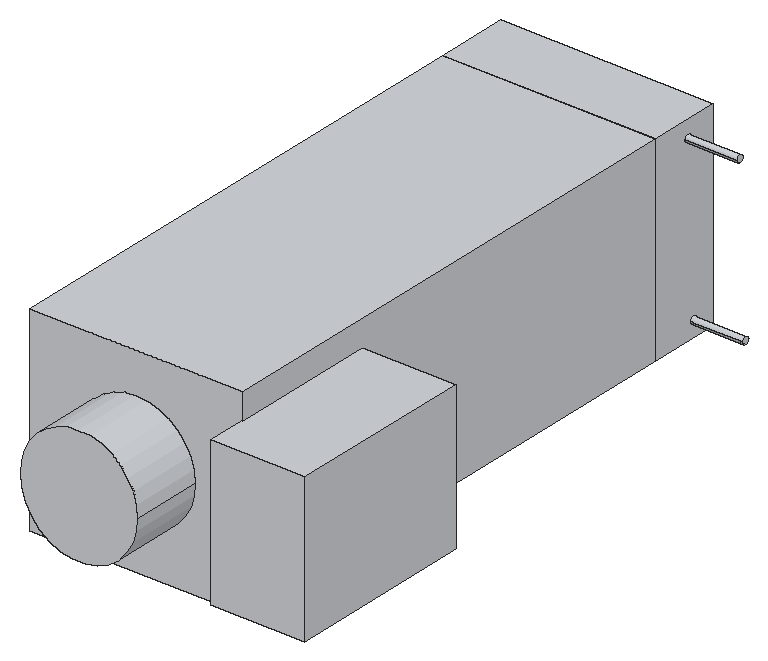
Revit family "EZTA+WITH 2 ROW HWC", category Mechanical Equipment, Revit 2018
Family settings
  Round Connector Dimension = Use Diameter
  Part Type = Normal
  OmniClass Number = 23.75.00.00
  OmniClass Title = Climate Control (HVAC)
  Work Plane-Based = No
  Always vertical = Yes
  Cut with Voids When Loaded = No
  Shared = No
  Room Calculation Point = No
Parameters (values of type "EZTA+0912 W/2 Coil RH W/RH Controller")
  Width = 1' - 4"
  URL = "https://www.anemostat-hvac.com/"
  RightController = yes
  Power Right Controller = yes
  Power Left Controller = no
  PipeVTwo = 0' - 1 1/4"
  PipeVOne = 0' - 1 1/4"
  PipeTwoRH = yes
  PipeTwoLH = no
  PipeRad = PipeDia / 2  # 0' - 0 1/4"
  PipeOneRH = yes
  PipeOneLH = no
  PipeLength = 0' - 4"
  PipeHTwo = 0' - 3 1/2"
  PipeHOne = Coil / 2.05 + Discharge  # 0' - 2.97256"
  PipeDia = 0' - 0 1/2"
  Model = "EZTA+"
  Manufacturer = "ANEMOSTAT PRODUCTS"
  Length = 3' - 3 1/2"
  LeftController = no
  Inlet_S = 0' - 5 3/8"
  InletRadius = InletDia / 2  # 0' - 4 7/16"
  InletDia = 0' - 8 7/8"
  Height = 1' - 3"
  HWCSlipDrive = 3' - 8 5/16"
  HWCOverlap = 0' - 0 5/8"
  EnslosureRear = 1' - 2 7/32"
  EnclosureWidth = 0' - 7 1/8"
  EnclosureHeight = 0' - 11 3/32"
  EnclosureFront = 0' - 3"
  EnclosureCenter = Height / 2  # 0' - 7 1/2"
  DischargeY = Height - 0' 1 1/4"  # 1' - 1 3/4"
  DischargeX = Width - 0' 1 1/4"  # 1' - 2 3/4"
  Discharge = 0' - 0 5/8"
  Description = "EZTA+ W/ Hot Water Heating Coil"
  Coil = HWCSlipDrive - Length  # 0' - 4 13/16"
Types (48): name | Width | RightController | Power Right Controller | Power Left Controller | PipeTwoRH | PipeTwoLH | PipeRad | PipeOneRH | PipeOneLH | PipeHTwo | PipeDia | LeftController | InletRadius | InletDia | Height | EnclosureCenter | DischargeY | DischargeX
  EZTA+0508 W/2 Coil LH NO Controller | 1' - 0" | no | no | no | no | yes | 0' - 0 1/4" | no | yes | 0' - 3 1/2" | 0' - 0 1/2" | no | 0' - 2 7/16" | 0' - 4 7/8" | 0' - 10" | 0' - 5" | 0' - 8 3/4" | 0' - 10 3/4"
  EZTA+0608 W/2 Coil LH NO Controller | 1' - 0" | no | no | no | no | yes | 0' - 0 1/4" | no | yes | 0' - 3 1/2" | 0' - 0 1/2" | no | 0' - 2 15/16" | 0' - 5 7/8" | 0' - 10" | 0' - 5" | 0' - 8 3/4" | 0' - 10 3/4"
  EZTA+0508 W/2 Coil RH NO Controller | 1' - 0" | no | no | no | yes | no | 0' - 0 1/4" | yes | no | 0' - 3 1/2" | 0' - 0 1/2" | no | 0' - 2 7/16" | 0' - 4 7/8" | 0' - 10" | 0' - 5" | 0' - 8 3/4" | 0' - 10 3/4"
  EZTA+0608 W/2 Coil RH NO Controller | 1' - 0" | no | no | no | yes | no | 0' - 0 1/4" | yes | no | 0' - 3 1/2" | 0' - 0 1/2" | no | 0' - 2 15/16" | 0' - 5 7/8" | 0' - 10" | 0' - 5" | 0' - 8 3/4" | 0' - 10 3/4"
  EZTA+0508 W/2 Coil LH W/LH Controller | 1' - 0" | no | no | yes | no | yes | 0' - 0 1/4" | no | yes | 0' - 3 1/2" | 0' - 0 1/2" | yes | 0' - 2 7/16" | 0' - 4 7/8" | 0' - 10" | 0' - 5" | 0' - 8 3/4" | 0' - 10 3/4"
  EZTA+0608 W/2 Coil LH W/LH Controller | 1' - 0" | no | no | yes | no | yes | 0' - 0 1/4" | no | yes | 0' - 3 1/2" | 0' - 0 1/2" | yes | 0' - 2 15/16" | 0' - 5 7/8" | 0' - 10" | 0' - 5" | 0' - 8 3/4" | 0' - 10 3/4"
  EZTA+0508 W/2 Coil LH W/RH Controller | 1' - 0" | yes | yes | no | no | yes | 0' - 0 1/4" | no | yes | 0' - 3 1/2" | 0' - 0 1/2" | no | 0' - 2 7/16" | 0' - 4 7/8" | 0' - 10" | 0' - 5" | 0' - 8 3/4" | 0' - 10 3/4"
  EZTA+0608 W/2 Coil LH W/RH Controller | 1' - 0" | yes | yes | no | no | yes | 0' - 0 1/4" | no | yes | 0' - 3 1/2" | 0' - 0 1/2" | no | 0' - 2 15/16" | 0' - 5 7/8" | 0' - 10" | 0' - 5" | 0' - 8 3/4" | 0' - 10 3/4"
  EZTA+0508 W/2 Coil RH W/LH Controller | 1' - 0" | no | no | yes | yes | no | 0' - 0 1/4" | yes | no | 0' - 3 1/2" | 0' - 0 1/2" | yes | 0' - 2 7/16" | 0' - 4 7/8" | 0' - 10" | 0' - 5" | 0' - 8 3/4" | 0' - 10 3/4"
  EZTA+0608 W/2 Coil RH W/LH Controller | 1' - 0" | no | no | yes | yes | no | 0' - 0 1/4" | yes | no | 0' - 3 1/2" | 0' - 0 1/2" | yes | 0' - 2 15/16" | 0' - 5 7/8" | 0' - 10" | 0' - 5" | 0' - 8 3/4" | 0' - 10 3/4"
  EZTA+0508 W/2 Coil RH W/RH Controller | 1' - 0" | yes | no | no | yes | no | 0' - 0 1/4" | yes | no | 0' - 3 1/2" | 0' - 0 1/2" | no | 0' - 2 7/16" | 0' - 4 7/8" | 0' - 10" | 0' - 5" | 0' - 8 3/4" | 0' - 10 3/4"
  EZTA+0608 W/2 Coil RH W/RH Controller | 1' - 0" | yes | no | no | yes | no | 0' - 0 1/4" | yes | no | 0' - 3 1/2" | 0' - 0 1/2" | no | 0' - 2 15/16" | 0' - 5 7/8" | 0' - 10" | 0' - 5" | 0' - 8 3/4" | 0' - 10 3/4"
  EZTA+0710 W/2 Coil LH NO Controller | 1' - 2" | no | no | no | no | yes | 0' - 0 1/4" | no | yes | 0' - 3 1/2" | 0' - 0 1/2" | no | 0' - 3 7/16" | 0' - 6 7/8" | 1' - 0 1/2" | 0' - 6 1/4" | 0' - 11 1/4" | 1' - 0 3/4"
  EZTA+0810 W/2 Coil LH NO Controller | 1' - 2" | no | no | no | no | yes | 0' - 0 1/4" | no | yes | 0' - 3 1/2" | 0' - 0 1/2" | no | 0' - 3 15/16" | 0' - 7 7/8" | 1' - 0 1/2" | 0' - 6 1/4" | 0' - 11 1/4" | 1' - 0 3/4"
  EZTA+0710 W/2 Coil RH NO Controller | 1' - 2" | no | no | no | yes | no | 0' - 0 1/4" | yes | no | 0' - 3 1/2" | 0' - 0 1/2" | no | 0' - 3 7/16" | 0' - 6 7/8" | 1' - 0 1/2" | 0' - 6 1/4" | 0' - 11 1/4" | 1' - 0 3/4"
  EZTA+0810 W/2 Coil RH NO Controller | 1' - 2" | no | no | no | yes | no | 0' - 0 1/4" | yes | no | 0' - 3 1/2" | 0' - 0 1/2" | no | 0' - 3 15/16" | 0' - 7 7/8" | 1' - 0 1/2" | 0' - 6 1/4" | 0' - 11 1/4" | 1' - 0 3/4"
  EZTA+0710 W/2 Coil LH W/LH Controller | 1' - 2" | no | no | yes | no | yes | 0' - 0 1/4" | no | yes | 0' - 3 1/2" | 0' - 0 1/2" | yes | 0' - 3 7/16" | 0' - 6 7/8" | 1' - 0 1/2" | 0' - 6 1/4" | 0' - 11 1/4" | 1' - 0 3/4"
  EZTA+0710 W/2 Coil LH W/RH Controller | 1' - 2" | yes | yes | no | no | yes | 0' - 0 1/4" | no | yes | 0' - 3 1/2" | 0' - 0 1/2" | no | 0' - 3 7/16" | 0' - 6 7/8" | 1' - 0 1/2" | 0' - 6 1/4" | 0' - 11 1/4" | 1' - 0 3/4"
  EZTA+0810 W/2 Coil LH W/RH Controller | 1' - 2" | yes | yes | no | no | yes | 0' - 0 1/4" | no | yes | 0' - 3 1/2" | 0' - 0 1/2" | no | 0' - 3 15/16" | 0' - 7 7/8" | 1' - 0 1/2" | 0' - 6 1/4" | 0' - 11 1/4" | 1' - 0 3/4"
  EZTA+0810 W/2 Coil LH W/LH Controller | 1' - 2" | no | no | yes | no | yes | 0' - 0 1/4" | no | yes | 0' - 3 1/2" | 0' - 0 1/2" | yes | 0' - 3 15/16" | 0' - 7 7/8" | 1' - 0 1/2" | 0' - 6 1/4" | 0' - 11 1/4" | 1' - 0 3/4"
  EZTA+0710 W/2 Coil RH W/LH Controller | 1' - 2" | no | no | yes | yes | no | 0' - 0 1/4" | yes | no | 0' - 3 1/2" | 0' - 0 1/2" | yes | 0' - 3 7/16" | 0' - 6 7/8" | 1' - 0 1/2" | 0' - 6 1/4" | 0' - 11 1/4" | 1' - 0 3/4"
  EZTA+0810 W/2 Coil RH W/LH Controller | 1' - 2" | no | no | yes | yes | no | 0' - 0 1/4" | yes | no | 0' - 3 1/2" | 0' - 0 1/2" | yes | 0' - 3 15/16" | 0' - 7 7/8" | 1' - 0 1/2" | 0' - 6 1/4" | 0' - 11 1/4" | 1' - 0 3/4"
  EZTA+0710 W/2 Coil RH W/RH Controller | 1' - 2" | yes | yes | no | yes | no | 0' - 0 1/4" | yes | no | 0' - 3 1/2" | 0' - 0 1/2" | no | 0' - 3 7/16" | 0' - 6 7/8" | 1' - 0 1/2" | 0' - 6 1/4" | 0' - 11 1/4" | 1' - 0 3/4"
  EZTA+0810 W/2 Coil RH W/RH Controller | 1' - 2" | yes | yes | no | yes | no | 0' - 0 1/4" | yes | no | 0' - 3 1/2" | 0' - 0 1/2" | no | 0' - 3 15/16" | 0' - 7 7/8" | 1' - 0 1/2" | 0' - 6 1/4" | 0' - 11 1/4" | 1' - 0 3/4"
  EZTA+1012 W/2 Coil LH NO Controller | 1' - 4" | no | no | no | no | yes | 0' - 0 1/4" | no | yes | 0' - 3 1/2" | 0' - 0 1/2" | no | 0' - 4 15/16" | 0' - 9 7/8" | 1' - 3" | 0' - 7 1/2" | 1' - 1 3/4" | 1' - 2 3/4"
  EZTA+1012 W/2 Coil RH NO Controller | 1' - 4" | no | no | no | yes | no | 0' - 0 1/4" | yes | no | 0' - 3 1/2" | 0' - 0 1/2" | no | 0' - 4 15/16" | 0' - 9 7/8" | 1' - 3" | 0' - 7 1/2" | 1' - 1 3/4" | 1' - 2 3/4"
  EZTA+1012 W/2 Coil LH W/LH Controller | 1' - 4" | no | no | yes | no | yes | 0' - 0 1/4" | no | yes | 0' - 3 1/2" | 0' - 0 1/2" | yes | 0' - 4 15/16" | 0' - 9 7/8" | 1' - 3" | 0' - 7 1/2" | 1' - 1 3/4" | 1' - 2 3/4"
  EZTA+1012 W/2 Coil LH W/RH Controller | 1' - 4" | yes | yes | no | no | yes | 0' - 0 1/4" | no | yes | 0' - 3 1/2" | 0' - 0 1/2" | no | 0' - 4 15/16" | 0' - 9 7/8" | 1' - 3" | 0' - 7 1/2" | 1' - 1 3/4" | 1' - 2 3/4"
  EZTA+1012 W/2 Coil RH W/LH Controller | 1' - 4" | no | no | yes | yes | no | 0' - 0 1/4" | yes | no | 0' - 3 1/2" | 0' - 0 1/2" | yes | 0' - 4 15/16" | 0' - 9 7/8" | 1' - 3" | 0' - 7 1/2" | 1' - 1 3/4" | 1' - 2 3/4"
  EZTA+1012 W/2 Coil RH W/RH Controller | 1' - 4" | yes | yes | no | yes | no | 0' - 0 1/4" | yes | no | 0' - 3 1/2" | 0' - 0 1/2" | no | 0' - 4 15/16" | 0' - 9 7/8" | 1' - 3" | 0' - 7 1/2" | 1' - 1 3/4" | 1' - 2 3/4"
  EZTA+1214 W/2 Coil LH NO Controller | 1' - 8" | no | no | no | no | yes | 0' - 0 7/16" | no | yes | 0' - 2 5/32" | 0' - 0 7/8" | no | 0' - 5 15/16" | 0' - 11 7/8" | 1' - 5 1/2" | 0' - 8 3/4" | 1' - 4 1/4" | 1' - 6 3/4"
  EZTA+1214 W/2 Coil RH NO Controller | 1' - 8" | no | no | no | yes | no | 0' - 0 7/16" | yes | no | 0' - 2 5/32" | 0' - 0 7/8" | no | 0' - 5 15/16" | 0' - 11 7/8" | 1' - 5 1/2" | 0' - 8 3/4" | 1' - 4 1/4" | 1' - 6 3/4"
  EZTA+1214 W/2 Coil LH W/LH Controller | 1' - 8" | no | no | yes | yes | no | 0' - 0 7/16" | yes | no | 0' - 2 5/32" | 0' - 0 7/8" | yes | 0' - 5 15/16" | 0' - 11 7/8" | 1' - 5 1/2" | 0' - 8 3/4" | 1' - 4 1/4" | 1' - 6 3/4"
  EZTA+1214 W/2 Coil LH W/RH Controller | 1' - 8" | yes | yes | no | yes | no | 0' - 0 7/16" | yes | no | 0' - 2 5/32" | 0' - 0 7/8" | no | 0' - 5 15/16" | 0' - 11 7/8" | 1' - 5 1/2" | 0' - 8 3/4" | 1' - 4 1/4" | 1' - 6 3/4"
  EZTA+1214 W/2 Coil RH W/LH Controller | 1' - 8" | no | no | yes | yes | no | 0' - 0 7/16" | yes | no | 0' - 2 5/32" | 0' - 0 7/8" | yes | 0' - 5 15/16" | 0' - 11 7/8" | 1' - 5 1/2" | 0' - 8 3/4" | 1' - 4 1/4" | 1' - 6 3/4"
  EZTA+1214 W/2 Coil RH W/RH Controller | 1' - 8" | yes | yes | no | yes | no | 0' - 0 7/16" | yes | no | 0' - 2 5/32" | 0' - 0 7/8" | no | 0' - 5 15/16" | 0' - 11 7/8" | 1' - 5 1/2" | 0' - 8 3/4" | 1' - 4 1/4" | 1' - 6 3/4"
  EZTA+1416 W/2 Coil LH NO Controller | 2' - 0" | no | no | no | no | yes | 0' - 0 7/16" | no | yes | 0' - 3 1/2" | 0' - 0 7/8" | no | 0' - 6 15/16" | 1' - 1 7/8" | 1' - 5 1/2" | 0' - 8 3/4" | 1' - 4 1/4" | 1' - 10 3/4"
  EZTA+1416 W/2 Coil RH NO Controller | 2' - 0" | no | no | no | yes | no | 0' - 0 7/16" | yes | no | 0' - 3 1/2" | 0' - 0 7/8" | no | 0' - 6 15/16" | 1' - 1 7/8" | 1' - 5 1/2" | 0' - 8 3/4" | 1' - 4 1/4" | 1' - 10 3/4"
  EZTA+1416 W/2 Coil LH W/LH Controller | 2' - 0" | no | no | yes | no | yes | 0' - 0 7/16" | no | yes | 0' - 3 1/2" | 0' - 0 7/8" | yes | 0' - 6 15/16" | 1' - 1 7/8" | 1' - 5 1/2" | 0' - 8 3/4" | 1' - 4 1/4" | 1' - 10 3/4"
  EZTA+1416 W/2 Coil LH W/RH Controller | 2' - 0" | yes | yes | no | no | yes | 0' - 0 7/16" | no | yes | 0' - 3 1/2" | 0' - 0 7/8" | no | 0' - 6 15/16" | 1' - 1 7/8" | 1' - 5 1/2" | 0' - 8 3/4" | 1' - 4 1/4" | 1' - 10 3/4"
  EZTA+1416 W/2 Coil RH W/LH Controller | 2' - 0" | no | no | yes | yes | no | 0' - 0 7/16" | yes | no | 0' - 3 1/2" | 0' - 0 7/8" | yes | 0' - 6 15/16" | 1' - 1 7/8" | 1' - 5 1/2" | 0' - 8 3/4" | 1' - 4 1/4" | 1' - 10 3/4"
  EZTA+1416 W/2 Coil RH W/RH Controller | 2' - 0" | yes | yes | no | yes | no | 0' - 0 7/16" | yes | no | 0' - 3 1/2" | 0' - 0 7/8" | no | 0' - 6 15/16" | 1' - 1 7/8" | 1' - 5 1/2" | 0' - 8 3/4" | 1' - 4 1/4" | 1' - 10 3/4"
  EZTA+0912 W/2 Coil LH NO Controller | 1' - 4" | no | no | no | no | yes | 0' - 0 1/4" | no | yes | 0' - 3 1/2" | 0' - 0 1/2" | no | 0' - 4 7/16" | 0' - 8 7/8" | 1' - 3" | 0' - 7 1/2" | 1' - 1 3/4" | 1' - 2 3/4"
  EZTA+0912 W/2 Coil RH NO Controller | 1' - 4" | no | no | no | yes | no | 0' - 0 1/4" | yes | no | 0' - 3 1/2" | 0' - 0 1/2" | no | 0' - 4 7/16" | 0' - 8 7/8" | 1' - 3" | 0' - 7 1/2" | 1' - 1 3/4" | 1' - 2 3/4"
  EZTA+0912 W/2 Coil LH W/LH Controller | 1' - 4" | no | no | yes | no | yes | 0' - 0 1/4" | no | yes | 0' - 3 1/2" | 0' - 0 1/2" | yes | 0' - 4 7/16" | 0' - 8 7/8" | 1' - 3" | 0' - 7 1/2" | 1' - 1 3/4" | 1' - 2 3/4"
  EZTA+0912 W/2 Coil LH W/RH Controller | 1' - 4" | yes | yes | no | no | yes | 0' - 0 1/4" | no | yes | 0' - 3 1/2" | 0' - 0 1/2" | no | 0' - 4 7/16" | 0' - 8 7/8" | 1' - 3" | 0' - 7 1/2" | 1' - 1 3/4" | 1' - 2 3/4"
  EZTA+0912 W/2 Coil RH W/LH Controller | 1' - 4" | no | no | yes | yes | no | 0' - 0 1/4" | yes | no | 0' - 3 1/2" | 0' - 0 1/2" | yes | 0' - 4 7/16" | 0' - 8 7/8" | 1' - 3" | 0' - 7 1/2" | 1' - 1 3/4" | 1' - 2 3/4"
  EZTA+0912 W/2 Coil RH W/RH Controller | 1' - 4" | yes | yes | no | yes | no | 0' - 0 1/4" | yes | no | 0' - 3 1/2" | 0' - 0 1/2" | no | 0' - 4 7/16" | 0' - 8 7/8" | 1' - 3" | 0' - 7 1/2" | 1' - 1 3/4" | 1' - 2 3/4"
Reference planes (in)
  plane 1 "Center (Front/Back)": y = 0
  plane 2: z = 0
  plane 3 "Center (Left/Right)": x = 0
  plane 4 "RightSide": x = 8
  plane 5 "LeftSide": x = -8
  plane 6 "InletSide": y = -19.75
  plane 7: y = -8.53125
  plane 8 "EnclosureFront": y = -22.75
  plane 9: x = 15.125
  plane 10: x = -15.125
  plane 11 "DischargeSide": y = 19.75
  plane 12: y = 19.125
  plane 13: z = 15
  plane 14: z = 7.5
  plane 15: z = 13.04687
  plane 16: z = 1.95313
  plane 17: x = 7.375
  plane 18: x = -7.375
  plane 19: z = 14.375
  plane 20: z = 0.625
  plane 21: y = 18.5
  plane 22 "HWC SlipNDrive": y = 24.5625
  plane 23: z = 1.25
  plane 24: y = 22.625
  plane 25: y = 22.09756
  plane 26: z = 13.75
Forms (in)
  Extrusion 1, solid
    sketch origin (0, 0, 0) x (1, 0, 0) y (0, 1, 0)
      loop
        line (8, 19.125) -> (-8, 19.125) -> (-8, -19.75) -> (8, -19.75) -> (8, 19.125)
    from 0 to 15
  Extrusion 2, solid
    sketch origin (0, -19.75, 0) x (1, 0, 0) y (0, 0, 1)
      loop
        circle (0, 7.5) r 4.4375
    from 0 to 5.375 <- "Inlet_S"
  Extrusion 3, solid
    sketch origin (0, 19.75, 0) x (1, 0, 0) y (0, 0, 1)
      loop
        line (-7.375, 14.375) -> (-7.375, 0.625) -> (7.375, 0.625) -> (7.375, 14.375) -> (-7.375, 14.375)
    from 0 to 0.625 <- "Discharge"
  Extrusion 4, solid
    sketch origin (0, 0, 0) x (1, 0, 0) y (0, 1, 0)
      loop
        line (8, 24.5625) -> (-8, 24.5625) -> (-8, 19.125) -> (8, 19.125) -> (8, 24.5625)
    from 0 to 15 <- "Height"
  Extrusion 5, solid, visible <- "PipeOneRH"
    sketch origin (8, 0, 0) x (0, -1, 0) y (0, 0, -1)
      loop
        circle (-22.09756, -13.75) r 0.25
    from 0 to 4 <- "PipeLength"
  Extrusion 6, solid, visible <- "PipeTwoRH"
    sketch origin (8, 0, 0) x (0, -1, 0) y (0, 0, -1)
      loop
        circle (-22.625, -1.25) r 0.25
    from 0 to 4 <- "PipeLength"
  Extrusion 7, solid, visible <- "PipeOneLH"
    sketch origin (-8, 0, 0) x (0, 1, 0) y (0, 0, -1)
      loop
        circle (22.09756, -13.75) r 0.25
    from 0 to 4 <- "PipeLength"
  Extrusion 8, solid, visible <- "PipeTwoLH"
    sketch origin (-8, 0, 0) x (0, 1, 0) y (0, 0, -1)
      loop
        circle (22.625, -1.25) r 0.25
    from 0 to 4 <- "PipeLength"
Dimensions and locks (in)
  equal spacing: plane 5 "LeftSide", plane 3 "Center (Left/Right)", plane 4 "RightSide"
  "EnclosureFront": plane 8 "EnclosureFront" to plane 6 "InletSide"
  "Width": plane 5 "LeftSide" to plane 4 "RightSide"
  "EnclosureWidth": plane 4 "RightSide" to plane 9
  "EnclosureWidth": plane 10 to plane 5 "LeftSide"
  equal spacing: plane 11 "DischargeSide", plane 1 "Center (Front/Back)", plane 6 "InletSide"
  "Length": plane 11 "DischargeSide" to plane 6 "InletSide"
  "EnslosureRear": plane 7 to plane 8 "EnclosureFront"
  "Discharge": plane 12 to plane 11 "DischargeSide"
  equal spacing: plane 15, plane 14, plane 16
  "EnclosureHeight": plane 15 to plane 16
  "EnclosureCenter": plane 14 to level
  "Height": plane 13 to level
  equal spacing: plane 17, plane 3 "Center (Left/Right)", plane 18
  "DischargeX": plane 17 to plane 18
  "Discharge": plane 13 to plane 19
  "Discharge": plane 20 to level
  plane 6 "InletSide" to plane 11 "DischargeSide" = 3' - 3 1/2"
  "HWCOverlap": plane 21 to plane 12
  "HWCSlipDrive": plane 22 "HWC SlipNDrive" to plane 6 "InletSide"
  "PipeHTwo": plane 24 to plane 12
  "PipeVTwo": plane 23 to level
  "PipeHOne": plane 25 to plane 12
  "PipeVOne": plane 13 to plane 26
  "InletRadius": radius of Extrusion 2 sketch curve
  "PipeRad": radius of Extrusion 5 sketch curve
  "PipeRad": radius of Extrusion 6 sketch curve
  "PipeRad": radius of Extrusion 7 sketch curve
  "PipeRad": radius of Extrusion 8 sketch curve
  aligned and locked: level to plane 2
  aligned and locked: plane 12 to Extrusion 1 sketch curve
  aligned and locked: plane 4 "RightSide" to Extrusion 1 sketch curve
  aligned and locked: plane 6 "InletSide" to Extrusion 1 sketch curve
  aligned and locked: plane 5 "LeftSide" to Extrusion 1 sketch curve
  aligned and locked: plane 13 to Extrusion 1
  aligned and locked: plane 19 to Extrusion 3 sketch curve
  aligned and locked: Extrusion 3 sketch curve to plane 18
  aligned and locked: plane 20 to Extrusion 3 sketch curve
  aligned and locked: Extrusion 3 sketch curve to plane 17
  aligned and locked: nested 1 to plane 7
  aligned and locked: plane 4 "RightSide" to nested 1
  aligned and locked: nested 2 to plane 5 "LeftSide"
  aligned and locked: nested 2 to plane 7
  aligned and locked: plane 22 "HWC SlipNDrive" to Extrusion 4 sketch curve
  aligned and locked: plane 4 "RightSide" to Extrusion 4 sketch curve
  aligned and locked: Extrusion 4 sketch curve to Extrusion 1  (x2)
Automatic sketch dimensions
  Extrusion 2 sketch curve to plane 3 "Center (Left/Right)" = 0' - 0"
  Extrusion 2 sketch curve to plane 14 = 0' - 0"
  Extrusion 5 sketch curve to plane 25 = 0' - 0"
  Extrusion 5 sketch curve to plane 26 = 0' - 0"
  Extrusion 6 sketch curve to plane 23 = 0' - 0"
  Extrusion 6 sketch curve to plane 24 = 0' - 0"
  Extrusion 7 sketch curve to plane 25 = 0' - 0"
  Extrusion 7 sketch curve to plane 26 = 0' - 0"
  Extrusion 8 sketch curve to plane 23 = 0' - 0"
  Extrusion 8 sketch curve to plane 24 = 0' - 0"
Nested families (in)
  nested 1: "ControlEnclosure" at (8, -9.91058, 0), visible <- "RightController", type "Inlet Size 10 Enclosure Left"
    with Height 1' - 3", EnclosureWidth 0' - 7 1/8", EnclosureHeight 0' - 11 3/32", EnclosureCenter 0' - 7 1/2"
  nested 2: "ControlEnclosure" at (-8, -9.91058, 0) x (-1, 0, 0) z (0, 0, 1), visible <- "LeftController", type "Inlet Size 10 Enclosure Left"
    with Height 1' - 3", EnclosureWidth 0' - 7 1/8", EnclosureHeight 0' - 11 3/32", EnclosureCenter 0' - 7 1/2"
Connectors (in)
  hvac at (0, -25.125, 7.5), driven by "InletDia"
    settings: on Extrusion 2, index 1, duct flow 0 CFM, flow factor 0, pres drop 0.00 in-wg, loss coef 0, conn angle 0.00°, conn width 12", conn height 12", conn diameter 8 7/8", duct sys type 1, conn prof type 0, flow config 0, flow direction 1, loss method 0, conn ref index -1, conn util no, is conn primary yes, conn desc ""
  electrical at (-15.125, -15.64062, 7.5), driven by "Power Left Controller"
    settings: on nested 2, index 2, voltage 0 V, apparent load 0 VA, apparent load phase1 0 VA, apparent load phase2 0 VA, apparent load phase3 0 VA, power factor 1, load classification "Other", number of poles 1, system type 31, power factor state 1, is connector primary yes, connector utility no, sub classification motor no, connector description ""
  hvac at (0, 24.5625, 7.5), driven by "Height", driven by "Width"
    settings: on Extrusion 4, index 3, duct flow 0 CFM, flow factor 0, pres drop 0.00 in-wg, loss coef 0, conn angle 0.00°, conn width 16", conn height 15", conn diameter 24", duct sys type 3, conn prof type 1, flow config 0, flow direction 0, loss method 0, conn ref index -1, conn util no, is conn primary no, conn desc ""
  piping at (-12, 22.09756, 13.75), diameter 0.5, driven by "PipeDia", driven by "PipeOneLH"
    settings: on Extrusion 7, index 4, connector inside diameter 24", connector length 0' - 0", flow factor 0, pipe flow 0 GPM, pressure drop 0.00 psi, fitting loss kfactor 0, connector angle 0.00°, fixture units 0, engagement length 0' - 0", angle of deflection 0.00°, flow configuration 0, flow direction 2, fitting loss method 0, system type 8, joint type 0, gender type 0, connector reference index -1, connector utility 0, adjustable connector no, is connector primary yes, connector description ""
  piping at (-12, 22.625, 1.25), diameter 0.5, driven by "PipeDia", driven by "PipeTwoLH"
    settings: on Extrusion 8, index 5, connector inside diameter 24", connector length 0' - 0", flow factor 0, pipe flow 0 GPM, pressure drop 0.00 psi, fitting loss kfactor 0, connector angle 0.00°, fixture units 0, engagement length 0' - 0", angle of deflection 0.00°, flow configuration 0, flow direction 1, fitting loss method 0, system type 7, joint type 0, gender type 0, connector reference index -1, connector utility 0, adjustable connector no, is connector primary no, connector description ""
  piping at (12, 22.09756, 13.75), diameter 0.5, driven by "PipeDia", driven by "PipeOneRH"
    settings: on Extrusion 5, index 6, connector inside diameter 24", connector length 0' - 0", flow factor 0, pipe flow 0 GPM, pressure drop 0.00 psi, fitting loss kfactor 0, connector angle 0.00°, fixture units 0, engagement length 0' - 0", angle of deflection 0.00°, flow configuration 0, flow direction 2, fitting loss method 0, system type 8, joint type 0, gender type 0, connector reference index -1, connector utility 1, adjustable connector no, is connector primary no, connector description ""
  piping at (12, 22.625, 1.25), diameter 0.5, driven by "PipeDia", driven by "PipeTwoRH"
    settings: on Extrusion 6, index 7, connector inside diameter 24", connector length 0' - 0", flow factor 0, pipe flow 0 GPM, pressure drop 0.00 psi, fitting loss kfactor 0, connector angle 0.00°, fixture units 0, engagement length 0' - 0", angle of deflection 0.00°, flow configuration 0, flow direction 1, fitting loss method 0, system type 7, joint type 0, gender type 0, connector reference index -1, connector utility 1, adjustable connector no, is connector primary no, connector description ""
  electrical at (15.125, -15.64062, 7.5), driven by "Power Right Controller"
    settings: on nested 1, index 8, voltage 0 V, apparent load 0 VA, apparent load phase1 0 VA, apparent load phase2 0 VA, apparent load phase3 0 VA, power factor 1, load classification "Other", number of poles 1, system type 31, power factor state 1, is connector primary no, connector utility yes, sub classification motor no, connector description ""
Definition of nested family "ControlEnclosure"
  Parameters (values of type "Enclosure")
    Width = 1' - 2"
    Lenght = 1' - 2 1/2"
    Height = 1' - 0 1/2"
    EnslosureRear = 1' - 2 7/32"
    EnclosureWidth = 0' - 7 1/8"
    EnclosureHeight = 0' - 11 3/32"
    EnclosureFront = 0' - 3"
    EnclosureCenter = Height / 2  # 0' - 6 1/4"
    DischargeY = 0' - 11 1/4"
    DischargeX = 1' - 0 3/4"
    Discharge = 0' - 0 5/8"
  Types (3): name | EnclosureWidth | EnclosureHeight
    Inlet Size 10 Enclosure Left | 0' - 11 3/32" | 0' - 7 1/8"
    Inlet Size 10 Enclosure Right | 0' - 7 1/8" | 0' - 6.00967"
    Enclosure | 0' - 7 1/8" | 0' - 11 3/32"
  Reference planes (in)
    plane 1 "Center (Front/Back)": y = 0
    plane 2: z = 0
    plane 3 "Center (Left/Right)": x = 0
    plane 4: x = 7
    plane 5: x = -7
    plane 6: y = -7.25
    plane 7: y = 1.37933
    plane 8: y = -12.83942
    plane 9 "EnclosureSide": x = 14.125
    plane 10: x = -14.125
    plane 11: y = 7.25
    plane 12: y = 6.625
    plane 13: z = 6.25
    plane 14: z = 11.79688
    plane 15: z = 0.70313
  Forms (in)
    Extrusion 1, solid
      sketch origin (0, 0, 0) x (0, 1, 0) y (0, 0, 1)
        loop
          line (1.37933, 11.79688) -> (-12.83942, 11.79688) -> (-12.83942, 0.70313) -> (1.37933, 0.70313) -> (1.37933, 11.79688)
      from 0 to 7.125 <- "EnclosureWidth"
  Dimensions and locks (in)
    equal spacing: plane 5, plane 3 "Center (Left/Right)", plane 4
    plane 8 to plane 6 = 0' - 5.58942"
    "Width": plane 5 to plane 4
    "EnclosureWidth": plane 4 to plane 9 "EnclosureSide"
    "EnclosureWidth": plane 10 to plane 5
    equal spacing: plane 11, plane 1 "Center (Front/Back)", plane 6
    "Lenght": plane 11 to plane 6
    "EnslosureRear": plane 7 to plane 8
    "Discharge": plane 12 to plane 11
    "EnclosureCenter": plane 13 to level
    equal spacing: plane 15, plane 13, plane 14
    "EnclosureHeight": plane 15 to plane 14
    aligned and locked: level to plane 2
    aligned and locked: Extrusion 1 sketch curve to plane 7
    aligned and locked: Extrusion 1 sketch curve to plane 14
    aligned and locked: Extrusion 1 sketch curve to plane 8
    aligned and locked: Extrusion 1 sketch curve to plane 15
